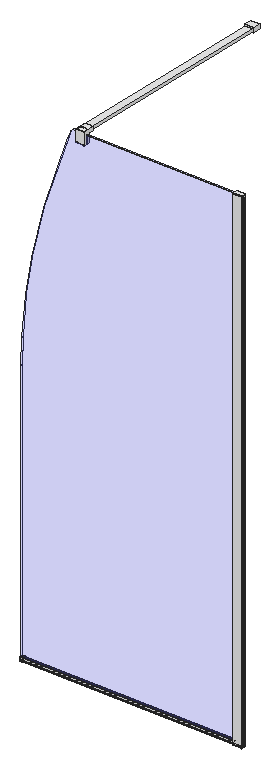
Revit family "STR4PS", category Plumbing Fixtures, Revit 2015
Parameters (values of type "900")
  Glass = Glass
  Chrome = Chrome - Polished
  Aluminium = Aluminum - Polished
  A = 900 mm
  URL = "http://www.sanswiss.com/"
  Type Comments = ""
  Model = "STR4PS"
  Manufacturer = "SanSwiss"
Types (7, lengths in mm): name | A
  (no name) | 900
  800 | 800
  900 | 900
  1000 | 1000
  1200 | 1200
  1400 | 1400
  1600 | 1600
Reference planes
  plane 1 "Center (Front/Back)": y = 0
  plane 2: z = 0
  plane 3 "Center (Left/Right)": x = 0
  plane 4 "Back": y = 900
  plane 5 "Left": x = -900
  plane 6: x = -899
Forms (mm)
  Sweep 1, solid, material "Aluminum - Polished" <- "Aluminium"
    path origin (0, 0, 0) x (1, 0, 0) y (0, 0, 1)
      loop
        line (0, 2000) -> (0, 0)
    profile origin (0, 0, 1000) x (0, -1, 0) y (1, 0, 0)
      loop
        line (-27.02, -36.8) -> (-18.4, -36.8)
        arc (-18.4, -36.8) -> (-17.693, -36.507) -> (-17.4, -35.8) r 1
        line (-17.4, -35.8) -> (-17.4, -2.712)
        arc (-17.4, -2.712) -> (-17.465, -2.226) -> (-17.9, -2) r 0.532
        line (-17.9, -2) -> (-18.9, -2)
        arc (-18.9, -2) -> (-19.336, -1.773) -> (-19.4, -1.286) r 0.532
        line (-19.4, -1.286) -> (-19.4, -0.5)
        arc (-19.4, -0.5) -> (-19.589, -0.103) -> (-20.017, 0) r 0.511
        line (-20.017, 0) -> (-32.983, 0)
        arc (-32.983, 0) -> (-33.411, -0.103) -> (-33.6, -0.5) r 0.511
        line (-33.6, -0.5) -> (-33.6, -1.383)
        arc (-33.6, -1.383) -> (-33.703, -1.811) -> (-34.1, -2) r 0.511
        line (-34.1, -2) -> (-34.983, -2)
        arc (-34.983, -2) -> (-35.411, -2.103) -> (-35.6, -2.5) r 0.511
        line (-35.6, -2.5) -> (-35.6, -31.62)
        arc (-35.6, -31.62) -> (-35.175, -33.014) -> (-34.044, -33.935) r 2.5
        line (-34.044, -33.935) -> (-27.02, -36.8)
  Extrusion 2, solid, material "Glass" <- "Glass"
    sketch origin (0, 12.7, 1950) x (-1, 0, 0) y (0, -1, 0)
      loop
        line (899, -17.3) -> (899, -9.3) -> (28.7, -9.3) -> (28.7, -17.3) -> (899, -17.3)
    from -1945 to 50
  Sweep 3, solid, material "Chrome - Polished" <- "Chrome"
    path origin (0, 0, 0) x (1, 0, 0) y (0, 0, 1)
      loop
        line (0, 2001.5) -> (0, 2000)
    profile origin (0, 0, 2000.75) x (0, -1, 0) y (1, 0, 0)
      loop
        line (-35.6, -2.5) -> (-35.6, -31.62)
        arc (-35.6, -31.62) -> (-35.175, -33.014) -> (-34.044, -33.935) r 2.5
        line (-34.044, -33.935) -> (-27.02, -36.8) -> (-18.4, -36.8)
        arc (-18.4, -36.8) -> (-17.693, -36.507) -> (-17.4, -35.8) r 1
        line (-17.4, -35.8) -> (-17.4, -2.712)
        arc (-17.4, -2.712) -> (-17.465, -2.226) -> (-17.9, -2) r 0.532
        line (-17.9, -2) -> (-18.9, -2)
        arc (-18.9, -2) -> (-19.336, -1.773) -> (-19.4, -1.286) r 0.532
        line (-19.4, -1.286) -> (-19.4, -0.5)
        arc (-19.4, -0.5) -> (-19.589, -0.103) -> (-20.017, 0) r 0.511
        line (-20.017, 0) -> (-32.983, 0)
        arc (-32.983, 0) -> (-33.411, -0.103) -> (-33.6, -0.5) r 0.511
        line (-33.6, -0.5) -> (-33.6, -1.383)
        arc (-33.6, -1.383) -> (-33.703, -1.811) -> (-34.1, -2) r 0.511
        line (-34.1, -2) -> (-34.983, -2)
        arc (-34.983, -2) -> (-35.411, -2.103) -> (-35.6, -2.5) r 0.511
  Extrusion 4, solid, material "Aluminum - Polished" <- "Aluminium"
    sketch origin (0, 0, 0) x (0, 1, 0) y (0, 0, 1)
      loop
        line (23.4, 2.986) -> (23.4, 0.5)
        arc (23.4, 0.5) -> (23.598, 0.094) -> (24.04, 0) r 0.515
        line (24.04, 0) -> (27.96, 0)
        arc (27.96, 0) -> (28.402, 0.094) -> (28.6, 0.5) r 0.515
        line (28.6, 0.5) -> (28.6, 2.986)
        arc (28.6, 2.986) -> (28.664, 3.473) -> (29.1, 3.7) r 0.532
        line (29.1, 3.7) -> (31.3, 3.7)
        arc (31.3, 3.7) -> (31.717, 3.809) -> (31.9, 4.2) r 0.508
        line (31.9, 4.2) -> (31.9, 14.383)
        arc (31.9, 14.383) -> (31.797, 14.811) -> (31.4, 15) r 0.511
        line (31.4, 15) -> (30.301, 15)
        arc (30.301, 15) -> (29.79, 14.35) -> (30.301, 13.7) r 0.669
        arc (30.301, 13.7) -> (30.714, 13.508) -> (30.801, 13.06) r 0.501
        line (30.801, 13.06) -> (30.801, 9.2)
        arc (30.801, 9.2) -> (30.412, 8.957) -> (30.3, 8.512) r 0.615
        line (30.3, 8.512) -> (30.3, 7.2)
        arc (30.3, 7.2) -> (30.664, 6.922) -> (30.8, 6.486) r 0.755
        line (30.8, 6.486) -> (30.8, 5.447)
        arc (30.8, 5.447) -> (30.511, 5.025) -> (30, 5) r 0.576
        line (30, 5) -> (28.257, 5) -> (27.093, 4.25) -> (24.907, 4.25) -> (23.743, 5) -> (22, 5)
        arc (22, 5) -> (21.489, 5.025) -> (21.2, 5.447) r 0.576
        line (21.2, 5.447) -> (21.2, 6.486)
        arc (21.2, 6.486) -> (21.336, 6.922) -> (21.7, 7.2) r 0.755
        line (21.7, 7.2) -> (21.7, 8.512)
        arc (21.7, 8.512) -> (21.588, 8.956) -> (21.2, 9.2) r 0.615
        line (21.2, 9.2) -> (21.2, 13.06)
        arc (21.2, 13.06) -> (21.286, 13.508) -> (21.7, 13.7) r 0.501
        arc (21.7, 13.7) -> (22.211, 14.35) -> (21.7, 15) r 0.669
        line (21.7, 15) -> (20.4, 15)
        arc (20.4, 15) -> (20.003, 14.811) -> (19.9, 14.383) r 0.511
        line (19.9, 14.383) -> (19.9, 4.2)
        arc (19.9, 4.2) -> (20.083, 3.809) -> (20.5, 3.7) r 0.508
        line (20.5, 3.7) -> (22.9, 3.7)
        arc (22.9, 3.7) -> (23.336, 3.473) -> (23.4, 2.986) r 0.532
    from -899 to -1.3
  Sweep 5, void
    path origin (0, 0, 1950) x (-1, 0, 0) y (0, -1, 0)
      loop
        line (900, -10) -> (900, -50)
    profile origin (-900, 30, 1950) x (-1, 0, 0) y (0, 0, 1)
      loop
        arc (-219.698, 50) -> (-209.698, 47.321) -> (-202.378, 40) r 20
        arc (-202.378, 40) -> (-196.944, 26.74) -> (-191.642, 13.427) r 1453.696
        arc (-191.642, 13.427) -> (-137.848, -129.338) -> (-92.343, -274.956) r 2655.236
        arc (-92.343, -274.956) -> (-66.707, -373.301) -> (-44.852, -472.554) r 2655.236
        arc (-44.852, -472.554) -> (-31.4, -544.949) -> (-19.96, -617.69) r 2655.236
        arc (-19.96, -617.69) -> (-10.714, -697.944) -> (-5.883, -778.583) r 1472.76
        arc (-5.883, -778.583) -> (-1.471, -865.052) -> (0, -951.622) r 2547.567
        line (0, -951.622) -> (0, 50) -> (-219.698, 50)
Cuts and joins
  Sweep 5 cuts Extrusion 2
Dimensions and locks
  locked: plane 4 "Back" to plane 1 "Center (Front/Back)" at 900
  "A": plane 5 "Left" to plane 3 "Center (Left/Right)"
  locked: plane 5 "Left" to nested 1 at 230.698
  locked: plane 5 "Left" to plane 6 at 1
  aligned and locked: level to plane 2
  aligned and locked: Extrusion 4 to plane 6
  aligned and locked: cut or joined group of Extrusion 2, Sweep 5 to plane 6
  aligned and locked: plane 6 to Extrusion 4
  aligned and locked: plane 5 "Left" to nested 2
Automatic sketch dimensions
  Sweep 1 sketch curve to level = 0 mm
  Sweep 1 sketch curve to plane 3 "Center (Left/Right)" = 0 mm
  level to Sweep 1 sketch curve = 2000 mm
  Extrusion 2 sketch curve to plane 1 "Center (Front/Back)" = 30 mm
  Extrusion 2 sketch curve to Extrusion 2 sketch curve = 8 mm
  plane 5 "Left" to Extrusion 2 sketch curve = 1 mm
  Extrusion 2 sketch curve to plane 3 "Center (Left/Right)" = 28.7 mm
  Sweep 1 sketch curve to profile plane = 0 mm
  Sweep 1 sketch curve to plane 1 "Center (Front/Back)" = 35.6 mm
  Sweep 1 sketch curve to Sweep 1 sketch curve = 0.511 mm  (x3)
  Sweep 1 sketch curve to Sweep 1 sketch curve = 0.106 mm  (x3)
  Sweep 1 sketch curve to Sweep 1 sketch curve = 0.883 mm  (x2)
  Sweep 1 sketch curve to Sweep 1 sketch curve = 1.556 mm
  profile plane to Sweep 1 sketch curve = 0.5 mm
  Sweep 1 sketch curve to Sweep 1 sketch curve = 0.5 mm  (x3)
  Sweep 1 sketch curve to Sweep 1 sketch curve = 0.944 mm
  Sweep 1 sketch curve to Sweep 1 sketch curve = 7.024 mm
  Sweep 1 sketch curve to Sweep 1 sketch curve = 12.965 mm
  Sweep 1 sketch curve to Sweep 1 sketch curve = 8.62 mm
  Sweep 1 sketch curve to Sweep 1 sketch curve = 1 mm
  Sweep 1 sketch curve to Sweep 1 sketch curve = 0.786 mm
  Sweep 1 sketch curve to Sweep 1 sketch curve = 0.182 mm
  Sweep 1 sketch curve to Sweep 1 sketch curve = 0.532 mm
  Sweep 1 sketch curve to Sweep 1 sketch curve = 29.12 mm
  Sweep 1 sketch curve to Sweep 1 sketch curve = 4.18 mm
  Sweep 3 sketch curve to plane 3 "Center (Left/Right)" = 0 mm
  level to Sweep 3 sketch curve = 2000 mm
  Sweep 3 sketch curve to Sweep 3 sketch curve = 1.5 mm
  Sweep 3 sketch curve to profile plane = 0 mm
  profile plane to Sweep 3 sketch curve = 2.5 mm
  Sweep 3 sketch curve to plane 1 "Center (Front/Back)" = 35.6 mm
  Sweep 3 sketch curve to Sweep 3 sketch curve = 0.511 mm  (x3)
  Sweep 3 sketch curve to Sweep 3 sketch curve = 0.106 mm  (x2)
  Sweep 3 sketch curve to Sweep 3 sketch curve = 0.883 mm
  Sweep 3 sketch curve to Sweep 3 sketch curve = 1.556 mm
  profile plane to Sweep 3 sketch curve = 0.5 mm  (x2)
  Sweep 3 sketch curve to Sweep 3 sketch curve = 0.5 mm  (x2)
  Sweep 3 sketch curve to Sweep 3 sketch curve = 2.5 mm
  Sweep 3 sketch curve to Sweep 3 sketch curve = 7.024 mm
  Sweep 3 sketch curve to Sweep 3 sketch curve = 12.965 mm
  Sweep 3 sketch curve to Sweep 3 sketch curve = 8.62 mm
  Sweep 3 sketch curve to Sweep 3 sketch curve = 1 mm  (x2)
  Sweep 3 sketch curve to Sweep 3 sketch curve = 2.032 mm
  Sweep 3 sketch curve to Sweep 3 sketch curve = 0.181 mm
  Sweep 3 sketch curve to Sweep 3 sketch curve = 29.12 mm
  Sweep 3 sketch curve to Sweep 3 sketch curve = 4.18 mm
  Sweep 3 sketch curve to Sweep 3 sketch curve = 0.532 mm
  Extrusion 4 sketch curve to level = 0 mm
  level to Extrusion 4 sketch curve = 4.2 mm
  Extrusion 4 sketch curve to plane 1 "Center (Front/Back)" = 19.9 mm
  Extrusion 4 sketch curve to Extrusion 4 sketch curve = 0.5 mm  (x4)
  Extrusion 4 sketch curve to Extrusion 4 sketch curve = 0.508 mm  (x2)
  Extrusion 4 sketch curve to Extrusion 4 sketch curve = 0.092 mm  (x2)
  Extrusion 4 sketch curve to Extrusion 4 sketch curve = 0.683 mm
  Extrusion 4 sketch curve to Extrusion 4 sketch curve = 0.109 mm  (x2)
  Extrusion 4 sketch curve to Extrusion 4 sketch curve = 1.142 mm
  Extrusion 4 sketch curve to Extrusion 4 sketch curve = 0.481 mm  (x2)
  Extrusion 4 sketch curve to Extrusion 4 sketch curve = 0.158 mm  (x2)
  Extrusion 4 sketch curve to Extrusion 4 sketch curve = 0.609 mm  (x2)
  Extrusion 4 sketch curve to Extrusion 4 sketch curve = 0.57 mm  (x2)
  Extrusion 4 sketch curve to Extrusion 4 sketch curve = 0.255 mm  (x2)
  Extrusion 4 sketch curve to Extrusion 4 sketch curve = 0.23 mm  (x2)
  Extrusion 4 sketch curve to Extrusion 4 sketch curve = 0.9 mm  (x2)
  Extrusion 4 sketch curve to Extrusion 4 sketch curve = 0.843 mm
  level to Extrusion 4 sketch curve = 0.5 mm
  Extrusion 4 sketch curve to Extrusion 4 sketch curve = 0.515 mm
  level to Extrusion 4 sketch curve = 4.25 mm
  Extrusion 4 sketch curve to Extrusion 4 sketch curve = 1.164 mm  (x2)
  Extrusion 4 sketch curve to Extrusion 4 sketch curve = 2.186 mm
  Extrusion 4 sketch curve to Extrusion 4 sketch curve = 3.92 mm
  Extrusion 4 sketch curve to Extrusion 4 sketch curve = 0.125 mm
  Extrusion 4 sketch curve to Extrusion 4 sketch curve = 1.507 mm
  Extrusion 4 sketch curve to Extrusion 4 sketch curve = 0.045 mm
  Extrusion 4 sketch curve to Extrusion 4 sketch curve = 0.02 mm
  Extrusion 4 sketch curve to Extrusion 4 sketch curve = 0.139 mm  (x2)
  Extrusion 4 sketch curve to Extrusion 4 sketch curve = 0.941 mm
  Extrusion 4 sketch curve to Extrusion 4 sketch curve = 0.714 mm
  Extrusion 4 sketch curve to Extrusion 4 sketch curve = 1.264 mm
  Extrusion 4 sketch curve to Extrusion 4 sketch curve = 0.182 mm
  Extrusion 4 sketch curve to Extrusion 4 sketch curve = 0.75 mm  (x2)
  Extrusion 4 sketch curve to Extrusion 4 sketch curve = 0.447 mm  (x2)
  Extrusion 4 sketch curve to Extrusion 4 sketch curve = 1.039 mm  (x2)
  Extrusion 4 sketch curve to Extrusion 4 sketch curve = 0.004 mm  (x2)
  Extrusion 4 sketch curve to Extrusion 4 sketch curve = 1.312 mm  (x2)
  Extrusion 4 sketch curve to Extrusion 4 sketch curve = 0.083 mm  (x2)
  Extrusion 4 sketch curve to Extrusion 4 sketch curve = 3.86 mm
  Extrusion 4 sketch curve to Extrusion 4 sketch curve = 0.14 mm
  Extrusion 4 sketch curve to Extrusion 4 sketch curve = 4 mm
  Extrusion 4 sketch curve to Extrusion 4 sketch curve = 1.15 mm
  Extrusion 4 sketch curve to Extrusion 4 sketch curve = 0.032 mm
  Extrusion 4 sketch curve to Extrusion 4 sketch curve = 0.106 mm  (x2)
  Extrusion 4 sketch curve to Extrusion 4 sketch curve = 0.019 mm  (x2)
  Extrusion 4 sketch curve to Extrusion 4 sketch curve = 0 mm
  Sweep 5 sketch curve to plane 5 "Left" = 0 mm
  Sweep 5 sketch curve to plane 1 "Center (Front/Back)" = 50 mm
  Sweep 5 sketch curve to plane 1 "Center (Front/Back)" = 10 mm
  Sweep 5 sketch curve to Sweep 5 sketch curve = 0 mm  (x7)
  Sweep 5 sketch curve to profile plane = 993.798 mm
  profile plane to Sweep 5 sketch curve = 2648.424 mm
  Sweep 5 sketch curve to Sweep 5 sketch curve = 100.856 mm
  Sweep 5 sketch curve to profile plane = 517.824 mm
  profile plane to Sweep 5 sketch curve = 1544.787 mm
  Sweep 5 sketch curve to Sweep 5 sketch curve = 66.918 mm
  profile plane to Sweep 5 sketch curve = 219.698 mm
  Sweep 5 sketch curve to Sweep 5 sketch curve = 219.698 mm
  Sweep 5 sketch curve to Sweep 5 sketch curve = 42.177 mm
  Sweep 5 sketch curve to profile plane = 826.303 mm
  profile plane to Sweep 5 sketch curve = 30 mm
  Sweep 5 sketch curve to Sweep 5 sketch curve = 20 mm
  Sweep 5 sketch curve to Sweep 5 sketch curve = 17.321 mm
  Sweep 5 sketch curve to Sweep 5 sketch curve = 10.736 mm
  Sweep 5 sketch curve to Sweep 5 sketch curve = 99.298 mm
  Sweep 5 sketch curve to Sweep 5 sketch curve = 24.892 mm
Nested families
  nested 1: "stabiliser" at (-632.952, 0, 0), type "stabiliser"
    with length 900 mm
  nested 2: "dolna nakładka" at (-901.5, 19.9, 0), type "dolna nakładka"
Definition of nested family "stabiliser"
  Parameters (values of type "stabiliser")
    Chrome = none
    Aluminium = none
    length [instance] = 900 mm
    URL = "http://www.sanswiss.com/"
    Type Comments = ""
    Model = ""
    Manufacturer = "SanSwiss"
  Reference planes
    plane 1 "Center (Front/Back)": y = 0
    plane 2: z = 0
    plane 3 "Center (Left/Right)": x = 0
    plane 4 "Back": y = 900
    plane 5 "Left": x = -1200
    plane 6 "glass left": x = -1140.7
    plane 7 "glass right": x = -28.7
    plane 8 "bar front": y = 56.3
    plane 9 "bar back": y = 869
  Forms (mm)
    Sweep 1, solid, material <- "Chrome"
      path origin (900, 0, 0) x (0, 1, 0) y (0, 0, 1)
        loop
          line (900, 2016.65) -> (900, 1999.15)
      profile origin (900, 900, 2007.9) x (1, 0, 0) y (0, 1, 0)
        loop
          line (-937.75, 0) -> (-937.75, -31) -> (-901.75, -31) -> (-901.75, 0) -> (-937.75, 0)
    Sweep 2, solid, material <- "Aluminium"
      path origin (900, 0, 0) x (0, 1, 0) y (0, 0, 1)
        loop
          line (56.3, 2017) -> (869, 2017)
      profile origin (900, 462.65, 2017) x (0, 0, 1) y (1, 0, 0)
        loop
          line (-5.35, -904.35) -> (-15.35, -904.35) -> (-15.35, -934.35) -> (-5.35, -934.35) -> (-5.35, -904.35)
    Sweep 3, solid, material <- "Chrome"
      path origin (0, 0, 1950) x (-1, 0, 0) y (0, -1, 0)
        loop
          line (36.35, -34.3) -> (2.35, -34.3)
      profile origin (-19.35, 34.3, 1950) x (0, 1, 0) y (0, 0, 1)
        loop
          line (4, 49.65) -> (22, 49.65) -> (22, 62.177) -> (-20.3, 62.177) -> (-20.3, 14.709)
          arc (-20.3, 14.709) -> (-20.136, 14.314) -> (-19.741, 14.15) r 0.559
          line (-19.741, 14.15) -> (-12.5, 14.15) -> (-12.5, 50.65) -> (-4, 50.65) -> (-4, 15.15) -> (-3, 15.15) -> (-3, 14.15) -> (0, 14.15)
          arc (0, 14.15) -> (1.414, 14.736) -> (2, 16.15) r 2
          line (2, 16.15) -> (2, 47.65)
          arc (2, 47.65) -> (2.586, 49.064) -> (4, 49.65) r 2
    Sweep 4, solid, material <- "Chrome"
      path origin (0, 0, 1950) x (-1, 0, 0) y (0, -1, 0)
        loop
          line (0, -31.3) -> (0, -56.3)
      profile origin (0, 43.8, 1950) x (-1, 0, 0) y (0, 0, 1)
        loop
          line (2.35, 62.177) -> (36.35, 62.177)
          arc (36.35, 62.177) -> (35.943, 63.378) -> (34.89, 64.086) r 1.979
          arc (34.89, 64.086) -> (19.366, 66.159) -> (3.841, 64.086) r 59.17
          arc (3.841, 64.086) -> (2.756, 63.397) -> (2.35, 62.177) r 1.918
    SweptBlend 5, solid, material <- "Chrome"
      path origin (0, 0, 1950) x (-1, 0, 0) y (0, -1, 0)
        loop
          line (0, -14) -> (0, -31.3)
      profile origin (0, 14, 1950) x (-1, 0, 0) y (0, 0, 1)
        loop
          arc (36.35, 62.177) -> (35.594, 63.222) -> (34.381, 63.66) r 2.19
          line (34.381, 63.66) -> (4.329, 63.66)
          arc (4.329, 63.66) -> (3.092, 63.248) -> (2.35, 62.177) r 2.062
          line (2.35, 62.177) -> (36.35, 62.177)
      end profile origin (0, 31.3, 1950) x (-1, 0, 0) y (0, 0, 1)
        loop
          arc (3.841, 64.086) -> (2.756, 63.397) -> (2.35, 62.177) r 1.918
          line (2.35, 62.177) -> (36.35, 62.177)
          arc (36.35, 62.177) -> (35.943, 63.378) -> (34.89, 64.086) r 1.979
          arc (34.89, 64.086) -> (19.366, 66.159) -> (3.841, 64.086) r 59.17
  Dimensions and locks
    "length": plane 4 "Back" to plane 1 "Center (Front/Back)"
    locked: plane 5 "Left" to plane 6 "glass left" at 59.3
    locked: plane 4 "Back" to plane 9 "bar back" at 31
    locked: plane 1 "Center (Front/Back)" to plane 8 "bar front" at 56.3
    aligned and locked: level to plane 2
  Automatic sketch dimensions
    Sweep 1 sketch curve to plane 4 "Back" = 0 mm
    level to Sweep 1 sketch curve = 1999.15 mm
    Sweep 1 sketch curve to Sweep 1 sketch curve = 17.5 mm
    profile plane to Sweep 1 sketch curve = 0 mm
    profile plane to Sweep 1 sketch curve = 31 mm
    Sweep 1 sketch curve to profile plane = 937.75 mm
    Sweep 1 sketch curve to Sweep 1 sketch curve = 36 mm
    Sweep 2 sketch curve to plane 9 "bar back" = 0 mm
    level to Sweep 2 sketch curve = 2017 mm
    Sweep 2 sketch curve to plane 8 "bar front" = 0 mm
    profile plane to Sweep 2 sketch curve = 15.35 mm
    profile plane to Sweep 2 sketch curve = 5.35 mm
    Sweep 2 sketch curve to profile plane = 934.35 mm
    Sweep 2 sketch curve to Sweep 2 sketch curve = 30 mm
    Sweep 3 sketch curve to plane 3 "Center (Left/Right)" = 2.35 mm
    Sweep 3 sketch curve to plane 8 "bar front" = 22 mm
    Sweep 3 sketch curve to plane 7 "glass right" = 7.65 mm
    Sweep 3 sketch curve to profile plane = 0 mm
    profile plane to Sweep 3 sketch curve = 3 mm
    Sweep 3 sketch curve to Sweep 3 sketch curve = 1 mm  (x2)
    Sweep 3 sketch curve to Sweep 3 sketch curve = 8.5 mm
    Sweep 3 sketch curve to Sweep 3 sketch curve = 7.241 mm
    Sweep 3 sketch curve to Sweep 3 sketch curve = 7.8 mm
    Sweep 3 sketch curve to profile plane = 2 mm
    Sweep 3 sketch curve to Sweep 3 sketch curve = 2 mm
    Sweep 3 sketch curve to Sweep 3 sketch curve = 18 mm
    profile plane to Sweep 3 sketch curve = 14.15 mm  (x2)
    Sweep 3 sketch curve to Sweep 3 sketch curve = 31.5 mm
    Sweep 3 sketch curve to Sweep 3 sketch curve = 3 mm
    Sweep 3 sketch curve to Sweep 3 sketch curve = 12.527 mm
    Sweep 4 sketch curve to plane 3 "Center (Left/Right)" = 0 mm
    Sweep 4 sketch curve to plane 8 "bar front" = 0 mm
    Sweep 4 sketch curve to plane 8 "bar front" = 25 mm
    SweptBlend 5 sketch curve to plane 3 "Center (Left/Right)" = 0 mm
    SweptBlend 5 sketch curve to plane 8 "bar front" = 25 mm
    SweptBlend 5 sketch curve to plane 1 "Center (Front/Back)" = 14 mm
    SweptBlend 5 sketch curve to profile plane = 2.35 mm  (x2)
    SweptBlend 5 sketch curve to SweptBlend 5 sketch curve = 1.918 mm
    profile plane to SweptBlend 5 sketch curve = 6.989 mm
    SweptBlend 5 sketch curve to profile plane = 19.366 mm
    SweptBlend 5 sketch curve to SweptBlend 5 sketch curve = 30.103 mm
    SweptBlend 5 sketch curve to SweptBlend 5 sketch curve = 1.979 mm  (x2)
    SweptBlend 5 sketch curve to SweptBlend 5 sketch curve = 55.187 mm
    SweptBlend 5 sketch curve to SweptBlend 5 sketch curve = 0.001 mm
    SweptBlend 5 sketch curve to SweptBlend 5 sketch curve = 0.039 mm
    SweptBlend 5 sketch curve to SweptBlend 5 sketch curve = 0.426 mm
    SweptBlend 5 sketch curve to SweptBlend 5 sketch curve = 29.947 mm
    SweptBlend 5 sketch curve to SweptBlend 5 sketch curve = 0.105 mm
    SweptBlend 5 sketch curve to SweptBlend 5 sketch curve = 2.074 mm
    profile plane to SweptBlend 5 sketch curve = 61.473 mm
    SweptBlend 5 sketch curve to SweptBlend 5 sketch curve = 0.125 mm
    Sweep 4 sketch curve to profile plane = 2.35 mm
    Sweep 4 sketch curve to Sweep 4 sketch curve = 1.918 mm
    profile plane to Sweep 4 sketch curve = 6.989 mm
    Sweep 4 sketch curve to profile plane = 19.366 mm
    Sweep 4 sketch curve to Sweep 4 sketch curve = 1.979 mm
    Sweep 4 sketch curve to Sweep 4 sketch curve = 0.001 mm
    Sweep 4 sketch curve to Sweep 4 sketch curve = 0.039 mm
    Sweep 4 sketch curve to Sweep 4 sketch curve = 0.426 mm
    Sweep 4 sketch curve to Sweep 4 sketch curve = 0.519 mm
    Sweep 4 sketch curve to Sweep 4 sketch curve = 0 mm
Definition of nested family "dolna nakładka"
  Parameters (values of type "dolna nakładka")
    Chrome = none
    URL = "http://www.sanswiss.com/"
    Type Comments = ""
    Model = ""
    Manufacturer = "SanSwiss"
  Reference planes
    plane 1 "Center (Front/Back)": y = 0
    plane 2: z = 0
    plane 3 "Center (Left/Right)": x = 0
  Forms (mm)
    Extrusion 1, solid, material <- "Chrome"
      sketch origin (0, 0, 1950) x (-1, 0, 0) y (0, -1, 0)
        loop
          line (0, -11.383) -> (0, -0.617)
          arc (0, -0.617) -> (-0.103, -0.189) -> (-0.5, 0) r 0.511
          line (-0.5, 0) -> (-1.5, 0) -> (-1.5, -12) -> (-0.5, -12)
          arc (-0.5, -12) -> (-0.103, -11.811) -> (0, -11.383) r 0.511
      from -1950 to -1935
    Extrusion 2, solid, material <- "Chrome"
      sketch origin (0, 0, 0) x (1, 0, 0) y (0, 1, 0)
        loop
          line (1.5, 3.4) -> (1.5, 0) -> (8.5, 0) -> (11.5, 0.262) -> (11.5, 3.138) -> (8.5, 3.4) -> (1.5, 3.4)
      from 0 to 3.5
    Extrusion 3, void
      sketch origin (0, 0, 0) x (1, 0, 0) y (0, 0, 1)
        loop
          line (8.5, 3.5) -> (11.5, 3.238) -> (11.5, 4.337) -> (8.5, 3.5)
      from -1950 to 10
    Extrusion 4, void
      sketch origin (0, 0, 0) x (1, 0, 0) y (0, 0, 1)
        loop
          line (8.5, 0) -> (11.5, -0.909) -> (11.5, 0.262) -> (8.5, 0)
      from -1950 to 10
    Extrusion 5, solid, material <- "Chrome"
      sketch origin (0, 8.6, 0) x (1, 0, 0) y (0, 1, 0)
        loop
          line (1.5, 3.4) -> (1.5, 0) -> (8.5, 0) -> (11.5, 0.262) -> (11.5, 3.138) -> (8.5, 3.4) -> (1.5, 3.4)
      from 0 to 3.5
  Cuts and joins
    Extrusion 3, Extrusion 4 cuts Extrusion 2
  Dimensions and locks
    aligned and locked: level to plane 2
